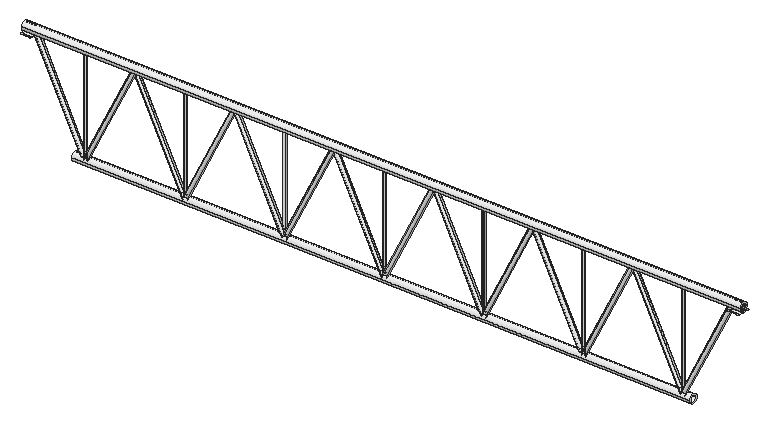
Revit family "Caibro da barra - Banzo de tubo circular com trama de tubo circular", category Quadro estrutural, Revit 2019
Family settings
  Arredondamento do comprimento do framing estrutural = 1 mm
  Forma do corte = Não definido
  Material para o comportamento do modelo = Aço
  Exportar sempre como geometria = Sim
  Sempre na vertical = Sim
  Corte com vazios quando carregada = Não
  Representação simbólica = Da família
  Compartilhado = Não
  Exibir o pré-corte da família na vista da planta = Sim
Parameters (values of type "TB D150")
  Material da rede [instance] = Metal - Aço - 250 MPa
  Tipo vertical [instance] = Vertical : TB 38.1x5.0
  Visibilidade do membro vertical = yes
  Tipo de banzo superior [instance] = Banzo : TB 114.3x8.6
  Structural Material [instance] = Metal - Aço - 250 MPa
  Deslocamento inicial [instance] = 0 mm
  Extensão inicial do cordão superior [instance] = 0 mm
  SpaceNum [instance] = 2 * Número da metade do espaço  # 14
  Espessura do perfil do assento = 6.4 mm
  Altura do perfil do assento = 76.2 mm
  Comprimento do assento = 150 mm
  Profundidade do assento [instance] = 125 mm
  Espessura da placa de reforço = 10 mm
  Tipo diagonal [instance] = Diagonal : TB 60.3x5.5
  Linear = 1500 mm
  LarguraPainel [instance] = (Length - Comprimento do assento * 2) / SpaceNum  # 692.857 mm
  NumMatrizPainel 2 [instance] = Meio NúmeroMatrizPainel + 1  # 7
  NumMatrizPainel 1 [instance] = Meio NúmeroMatrizPainel  # 6
  NumMatrizPainel [instance] = SpaceNum - 3  # 11
  Altura do painel [instance] = Linear - Profundidade do assento  # 1375 mm
  Comprimento do deslocamento 2 [instance] = Painel final - Deslocamento final + Extensão final do cordão inferior  # 142.857 mm
  Comprimento do deslocamento 1 [instance] = Painel final - Deslocamento inicial + Extensão inicial do cordão inferior  # 142.857 mm
  Número da metade do espaço [instance] = 7
  d [instance] = Profundidade do assento / 2  # 62.5 mm
  Tipo de banzo inferior [instance] = Banzo : TB 114.3x8.6
  Extensão inicial do cordão inferior [instance] = -700 mm
  Extensão final do cordão inferior [instance] = -700 mm
  Meio NúmeroMatrizPainel [instance] = NumMatrizPainel / 2  # 6
  Painel final [instance] = LarguraPainel + Comprimento do assento  # 842.857 mm
  Deslocamento final [instance] = 0 mm
  Extensão final do cordão superior [instance] = 0 mm
  Assembly Code = ""
  Length [instance] = 10000 mm
Reference planes
  plane 1 "Centro (Frente/Trás)": y = 0
  plane 2: z = 0
  plane 3 "Centro (Esquerda/Direita)": x = 458.446
  plane 4 "Membro esquerdo": x = -3381.554
  plane 5 "Membro direito": x = 3560.61
  plane 6: z = 750
  plane 7: z = -750
  plane 8 "Esquerda": x = -4541.554
  plane 9 "Símbolo esquerdo de verga": x = -5435.59
  plane 10 "Símbolo direito de verga": x = 6401.136
  plane 11 "Direita": x = 5458.446
  plane 12: x = -4391.554
  plane 13: x = -3698.697
  plane 14: x = 5308.446
  plane 15: x = 4615.588
  plane 16: z = -720
  plane 17: x = -4541.554
  plane 18: x = 5458.446
  plane 19: x = -4541.554
  plane 20: x = 5458.446
  plane 21: x = 3922.731
  plane 22: x = 3229.874
  plane 23: x = -3005.84
  plane 24: x = -2312.983
  plane 25: x = -1620.126
  plane 26: x = -3841.554
  plane 27: x = 4758.446
  plane 28: x = -5435.59
  plane 29 "Esquerda do símbolo": x = -5435.59
  plane 30: x = 6401.136
  plane 31 "Direita do símbolo": x = 6401.136
  plane 32: z = 687.5
  plane 33: z = -687.5
  plane 34: z = 625
Forms (mm)
  Sweep 1, solid, material "Metal - Aço - 250 MPa" <- "Structural Material", detail levels medium+fine
    path origin (-4304.156, 5, 762.225) x (1, 0, 0) y (0, 0, -1)
      loop
        line (-237.398, 137.225) -> (-87.398, 137.225)
    profile "Assento - Perfil : Assento - Perfil" origin (-4466.554, 5, 625) x (0, 0, -1) y (0, 1, 0)
      loop
        arc (0, 76.2) -> (-4.525, 74.325) -> (-6.4, 69.8) r 6.4
        line (-6.4, 69.8) -> (-6.4, 12.8)
        arc (-6.4, 12.8) -> (-8.275, 8.275) -> (-12.8, 6.4) r 6.4
        line (-12.8, 6.4) -> (-69.8, 6.4)
        arc (-69.8, 6.4) -> (-74.325, 4.525) -> (-76.2, 0) r 6.4
        line (-76.2, 0) -> (0, 0) -> (0, 76.2)
  Sweep 2, solid, material "Metal - Aço - 250 MPa" <- "Structural Material", detail levels medium+fine
    path origin (-13643.971, -5, 680.328) x (1, 0, 0) y (0, 0, 1)
      loop
        line (9102.417, -55.328) -> (9252.417, -55.328)
    profile "Assento - Perfil : Assento - Perfil" origin (-4466.554, -5, 625) x (0, 0, 1) y (0, -1, 0)
      loop
        arc (76.2, 0) -> (74.325, 4.525) -> (69.8, 6.4) r 6.4
        line (69.8, 6.4) -> (12.8, 6.4)
        arc (12.8, 6.4) -> (8.275, 8.275) -> (6.4, 12.8) r 6.4
        line (6.4, 12.8) -> (6.4, 69.8)
        arc (6.4, 69.8) -> (4.525, 74.325) -> (0, 76.2) r 6.4
        line (0, 76.2) -> (0, 0) -> (76.2, 0)
  Sweep 3, solid, material "Metal - Aço - 250 MPa" <- "Structural Material", detail levels medium+fine
    path origin (-4673.269, 5, 755.271) x (1, 0, 0) y (0, 0, -1)
      loop
        line (9981.715, 130.271) -> (10131.715, 130.271)
    profile "Assento - Perfil : Assento - Perfil" origin (5383.446, 5, 625) x (0, 0, -1) y (0, 1, 0)
      loop
        arc (0, 76.2) -> (-4.525, 74.325) -> (-6.4, 69.8) r 6.4
        line (-6.4, 69.8) -> (-6.4, 12.8)
        arc (-6.4, 12.8) -> (-8.275, 8.275) -> (-12.8, 6.4) r 6.4
        line (-12.8, 6.4) -> (-69.8, 6.4)
        arc (-69.8, 6.4) -> (-74.325, 4.525) -> (-76.2, 0) r 6.4
        line (-76.2, 0) -> (0, 0) -> (0, 76.2)
  Sweep 4, solid, material "Metal - Aço - 250 MPa" <- "Structural Material", detail levels medium+fine
    path origin (6375.741, -5, 640.108) x (1, 0, 0) y (0, 0, 1)
      loop
        line (-1067.295, -15.108) -> (-917.295, -15.108)
    profile "Assento - Perfil : Assento - Perfil" origin (5383.446, -5, 625) x (0, 0, 1) y (0, -1, 0)
      loop
        arc (76.2, 0) -> (74.325, 4.525) -> (69.8, 6.4) r 6.4
        line (69.8, 6.4) -> (12.8, 6.4)
        arc (12.8, 6.4) -> (8.275, 8.275) -> (6.4, 12.8) r 6.4
        line (6.4, 12.8) -> (6.4, 69.8)
        arc (6.4, 69.8) -> (4.525, 74.325) -> (0, 76.2) r 6.4
        line (0, 76.2) -> (0, 0) -> (76.2, 0)
  Extrusion 5, solid, material "Metal - Aço - 250 MPa" <- "Structural Material", detail levels medium+fine
    sketch origin (458.446, 0, 0) x (0, 1, 0) y (0, 0, 1)
      loop
        line (5, 750) -> (-5, 750) -> (-5, 635.7) -> (5, 635.7) -> (5, 750)
    from -5000 to -4850
  Extrusion 6, solid, material "Metal - Aço - 250 MPa" <- "Structural Material", detail levels medium+fine
    sketch origin (458.446, 0, 0) x (0, 1, 0) y (0, 0, 1)
      loop
        line (5, 750) -> (-5, 750) -> (-5, 635.7) -> (5, 635.7) -> (5, 750)
    from 4850 to 5000
Lines and regions (mm)
  symbolic lines, style "StructuralFraming", detail levels coarse+medium
    curve 1: line (0, 0, -750) -> (0, 0, 750)
  reference lines
    curve 2: line (-5285.59, 0, -873.508) -> (-5285.59, 0, 829.692)
    curve 3: line (-4442.733, 0, -879.858) -> (-4442.733, 0, 829.692)
    curve 4: line (6251.136, 0, -820.588) -> (6251.136, 0, 831.812)
    curve 5: line (5408.279, 0, -947.588) -> (5408.279, 0, 831.812)
  model lines, style "Viga mestra da travessa", detail levels coarse
    curve 6: line (5408.279, 0, -750) -> (-4442.733, 0, -750)
    curve 7: line (6401.136, 0, 750) -> (-5435.59, 0, 750)
  model lines, style "Caibro da teia", detail levels coarse
    curve 8: line (-4442.733, 0, -750) -> (-5285.59, 0, 750)
    curve 9: line (5408.279, 0, -750) -> (6251.136, 0, 750)
Dimensions and locks
  equal spacing: plane 7, plane 2, plane 6
  "Length": plane 8 "Esquerda" to plane 11 "Direita"
  equal spacing: plane 8 "Esquerda", plane 3 "Centro (Esquerda/Direita)", plane 11 "Direita"
  "Painel final": curve 3 to curve 2
  "Painel final": curve 4 to curve 5
  "Linear": plane 7 to plane 6
  "Painel final": plane 8 "Esquerda" to plane 13
  "Painel final": plane 11 "Direita" to plane 15
  "Deslocamento inicial": plane 8 "Esquerda" to plane 19
  "Comprimento do assento": plane 19 to plane 12
  "Extensão inicial do cordão superior": plane 17 to plane 19
  "Deslocamento final": plane 20 to plane 11 "Direita"
  "Comprimento do assento": plane 14 to plane 20
  "Extensão final do cordão superior": plane 20 to plane 18
  "LarguraPainel": plane 15 to plane 21
  "LarguraPainel": plane 21 to plane 22
  "LarguraPainel": plane 13 to plane 23
  "LarguraPainel": plane 24 to plane 23
  "LarguraPainel": plane 25 to plane 24
  "Comprimento do deslocamento 1": plane 13 to plane 26
  "Comprimento do deslocamento 2": plane 27 to plane 15
  "Deslocamento inicial": plane 9 "Símbolo esquerdo de verga" to plane 28
  "Comprimento do assento": curve 2 to plane 28
  "Extensão inicial do cordão superior": plane 28 to plane 29 "Esquerda do símbolo"
  "Comprimento do assento": plane 30 to curve 4
  "Extensão final do cordão superior": plane 31 "Direita do símbolo" to plane 30
  "Deslocamento final": plane 10 "Símbolo direito de verga" to plane 30
  equal spacing: group 1, group 2, group 3, group 4, group 14, group 15  (x3)
  equal spacing: group 5, group 6, group 7, group 8, group 16, group 17  (x3)
  "Profundidade do assento": plane 6 to plane 34
  equal spacing: group 9, group 10, group 11, group 12, group 13, group 18, group 19  (x3)
  "d": plane 32 to plane 6
  "d": plane 7 to plane 33
  "Espessura da placa de reforço": Extrusion 5 sketch curve to Extrusion 5 sketch curve
  equal spacing: Extrusion 5 sketch curve, curve 2, Extrusion 5 sketch curve
  equal spacing: Extrusion 6 sketch curve, curve 2, Extrusion 6 sketch curve
  "Espessura da placa de reforço": Extrusion 6 sketch curve to Extrusion 6 sketch curve
  aligned and locked: curve 6 to plane 7
  aligned and locked: curve 7 to plane 6
  aligned and locked: curve 3 to curve 6
  aligned and locked: curve 5 to curve 6
  aligned and locked: curve 2 to curve 8
  aligned and locked: curve 4 to curve 9
  aligned and locked: plane 29 "Esquerda do símbolo" to curve 7
  aligned and locked: plane 31 "Direita do símbolo" to curve 7
  aligned and locked: nested 1 to plane 13
  aligned and locked: nested 2 to plane 24
  aligned and locked: plane 1 "Centro (Frente/Trás)" to nested 1
  aligned and locked: plane 1 "Centro (Frente/Trás)" to nested 2
  aligned and locked: nested 5 to plane 1 "Centro (Frente/Trás)"
  aligned and locked: nested 5 to plane 24
  aligned and locked: nested 9 to plane 1 "Centro (Frente/Trás)"
  aligned and locked: nested 9 to plane 13
  aligned and locked: plane 15 to nested 10
  aligned and locked: plane 1 "Centro (Frente/Trás)" to nested 10
  aligned and locked: plane 1 "Centro (Frente/Trás)" to nested 11
  aligned and locked: plane 1 "Centro (Frente/Trás)" to nested 12
  aligned and locked: plane 12 to Sweep 2 sketch curve
  aligned and locked: plane 19 to Sweep 2 sketch curve
  aligned and locked: Sweep 2 sketch curve to plane 34
  aligned and locked: Sweep 4 sketch curve to plane 34
  aligned and locked: plane 20 to Sweep 4 sketch curve
  aligned and locked: plane 20 to Sweep 3 sketch curve
  aligned and locked: plane 34 to Sweep 3 sketch curve
  aligned and locked: plane 19 to Sweep 1 sketch curve
  aligned and locked: plane 34 to Sweep 1 sketch curve
  aligned and locked: plane 1 "Centro (Frente/Trás)" to nested 13
  aligned and locked: nested 13 to plane 32
  aligned and locked: nested 13 to plane 13
  aligned and locked: plane 24 to nested 14
  aligned and locked: nested 9 to plane 12
  aligned and locked: nested 10 to plane 14
  aligned and locked: plane 32 to nested 1
  aligned and locked: nested 5 to plane 32
  aligned and locked: plane 32 to nested 2
  aligned and locked: nested 6 to plane 25
  aligned and locked: nested 12 to plane 26
  aligned and locked: plane 27 to nested 12
  aligned and locked: nested 11 to plane 17
  aligned and locked: plane 18 to nested 11
  aligned and locked: nested 11 to plane 6
  aligned and locked: plane 7 to nested 12
  aligned and locked: Extrusion 5 sketch curve to nested 11  (x2)
  aligned and locked: plane 17 to Extrusion 5
  aligned and locked: plane 12 to Extrusion 5
  aligned and locked: Sweep 2 to Extrusion 5
  aligned and locked: Sweep 1 to Extrusion 5
  aligned and locked: Extrusion 6 sketch curve to nested 11  (x2)
  aligned and locked: Extrusion 6 to plane 18
  aligned and locked: Extrusion 6 to plane 14
  aligned and locked: Sweep 4 to Extrusion 6
  aligned and locked: Sweep 3 to Extrusion 6
Automatic sketch dimensions
  curve 1 to plane 1 "Centro (Frente/Trás)" = 0 mm
  curve 1 to plane 7 = 0 mm
  curve 1 to plane 6 = 0 mm
  plane 7 to curve 5 = 197.588 mm
  plane 7 to curve 3 = 129.858 mm
  plane 7 to curve 2 = 123.508 mm
  plane 7 to curve 4 = 70.588 mm
  curve 3 to plane 6 = 79.692 mm
  curve 2 to plane 6 = 79.692 mm
  curve 5 to plane 6 = 81.812 mm
  curve 4 to plane 6 = 81.812 mm
  Sweep 1 sketch curve to plane 12 = 0 mm
  Sweep 3 sketch curve to plane 14 = 0 mm
  Sweep 4 sketch curve to plane 14 = 0 mm
Nested families
  nested 1: "Diagonal" at (-3698.697, 0, 0), type <- "Tipo diagonal", Largura do painel <- "LarguraPainel", Altura do painel <- "Altura do painel", Material <- "Material da rede", type "TB 60.3x5.5"
    with Largura do painel 692.857 mm, Altura do painel 1375 mm, Material Metal - Aço - 250 MPa, t 5.5 mm, d 60.3 mm
  nested 2: "Diagonal" at (-2312.983, 0, 0), type <- "Tipo diagonal", Largura do painel <- "LarguraPainel", Altura do painel <- "Altura do painel", Material <- "Material da rede", type "TB 60.3x5.5"
    with Largura do painel 692.857 mm, Altura do painel 1375 mm, Material Metal - Aço - 250 MPa, t 5.5 mm, d 60.3 mm
  nested 3: "Diagonal" at (-927.269, 0, 0), type <- "Tipo diagonal", Largura do painel <- "LarguraPainel", Altura do painel <- "Altura do painel", Material <- "Material da rede", type "TB 60.3x5.5"
    with Largura do painel 692.857 mm, Altura do painel 1375 mm, Material Metal - Aço - 250 MPa, t 5.5 mm, d 60.3 mm
  nested 4: "Diagonal" at (458.446, 0, 0), type <- "Tipo diagonal", Largura do painel <- "LarguraPainel", Altura do painel <- "Altura do painel", Material <- "Material da rede", type "TB 60.3x5.5"
    with Largura do painel 692.857 mm, Altura do painel 1375 mm, Material Metal - Aço - 250 MPa, t 5.5 mm, d 60.3 mm
  nested 5: "Diagonal" at (-2312.983, 0, 0) x (-1, 0, 0) z (0, 0, 1), type <- "Tipo diagonal", Largura do painel <- "LarguraPainel", Altura do painel <- "Altura do painel", Material <- "Material da rede", type "TB 60.3x5.5"
    with Largura do painel 692.857 mm, Altura do painel 1375 mm, Material Metal - Aço - 250 MPa, t 5.5 mm, d 60.3 mm
  nested 6: "Diagonal" at (-927.269, 0, 0) x (-1, 0, 0) z (0, 0, 1), type <- "Tipo diagonal", Largura do painel <- "LarguraPainel", Altura do painel <- "Altura do painel", Material <- "Material da rede", type "TB 60.3x5.5"
    with Largura do painel 692.857 mm, Altura do painel 1375 mm, Material Metal - Aço - 250 MPa, t 5.5 mm, d 60.3 mm
  nested 7: "Diagonal" at (458.446, 0, 0) x (-1, 0, 0) z (0, 0, 1), type <- "Tipo diagonal", Largura do painel <- "LarguraPainel", Altura do painel <- "Altura do painel", Material <- "Material da rede", type "TB 60.3x5.5"
    with Largura do painel 692.857 mm, Altura do painel 1375 mm, Material Metal - Aço - 250 MPa, t 5.5 mm, d 60.3 mm
  nested 8: "Diagonal" at (1844.16, 0, 0) x (-1, 0, 0) z (0, 0, 1), type <- "Tipo diagonal", Largura do painel <- "LarguraPainel", Altura do painel <- "Altura do painel", Material <- "Material da rede", type "TB 60.3x5.5"
    with Largura do painel 692.857 mm, Altura do painel 1375 mm, Material Metal - Aço - 250 MPa, t 5.5 mm, d 60.3 mm
  nested 9: "Diagonal" at (-3698.697, 0, 0) x (-1, 0, 0) z (0, 0, 1), Altura do painel <- "Altura do painel", type <- "Tipo diagonal", Material <- "Material da rede", type "TB 60.3x5.5"
    with Largura do painel 692.857 mm, Altura do painel 1375 mm, Material Metal - Aço - 250 MPa, t 5.5 mm, d 60.3 mm
  nested 10: "Diagonal" at (4615.588, 0, 0), Altura do painel <- "Altura do painel", type <- "Tipo diagonal", Material <- "Material da rede", type "TB 60.3x5.5"
    with Largura do painel 692.857 mm, Altura do painel 1375 mm, Material Metal - Aço - 250 MPa, t 5.5 mm, d 60.3 mm
  nested 11: "Banzo" at (458.446, 0, 692.85), type <- "Tipo de banzo superior", Material <- "Structural Material", type "TB 114.3x8.6"
    with Material Metal - Aço - 250 MPa, Comprimento 10000 mm, t 8.6 mm, d 114.3 mm, b 114.3 mm
  nested 12: "Banzo" at (458.446, 0, -692.85), type <- "Tipo de banzo inferior", Material <- "Structural Material", type "TB 114.3x8.6"
    with Material Metal - Aço - 250 MPa, Comprimento 8600 mm, t 8.6 mm, d 114.3 mm, b 114.3 mm
  nested 13: "Vertical" at (-3698.697, 0, 0), Altura do painel <- "Altura do painel", Material <- "Material da rede", type <- "Tipo vertical", visible <- "Visibilidade do membro vertical", type "TB 38.1x5.0"
    with Altura do painel 1375 mm, Material Metal - Aço - 250 MPa, t 5 mm, d 38.1 mm
  nested 14: "Vertical" at (-2312.983, 0, 0), Altura do painel <- "Altura do painel", Material <- "Material da rede", type <- "Tipo vertical", visible <- "Visibilidade do membro vertical", type "TB 38.1x5.0"
    with Altura do painel 1375 mm, Material Metal - Aço - 250 MPa, t 5 mm, d 38.1 mm
  nested 15: "Vertical" at (-927.269, 0, 0), Altura do painel <- "Altura do painel", Material <- "Material da rede", type <- "Tipo vertical", visible <- "Visibilidade do membro vertical", type "TB 38.1x5.0"
    with Altura do painel 1375 mm, Material Metal - Aço - 250 MPa, t 5 mm, d 38.1 mm
  nested 16: "Vertical" at (458.446, 0, 0), Altura do painel <- "Altura do painel", Material <- "Material da rede", type <- "Tipo vertical", visible <- "Visibilidade do membro vertical", type "TB 38.1x5.0"
    with Altura do painel 1375 mm, Material Metal - Aço - 250 MPa, t 5 mm, d 38.1 mm
  nested 17: "Vertical" at (1844.16, 0, 0), Altura do painel <- "Altura do painel", Material <- "Material da rede", type <- "Tipo vertical", visible <- "Visibilidade do membro vertical", type "TB 38.1x5.0"
    with Altura do painel 1375 mm, Material Metal - Aço - 250 MPa, t 5 mm, d 38.1 mm
  nested 18: "Diagonal" at (1844.16, 0, 0), type <- "Tipo diagonal", Largura do painel <- "LarguraPainel", Altura do painel <- "Altura do painel", Material <- "Material da rede", type "TB 60.3x5.5"
    with Largura do painel 692.857 mm, Altura do painel 1375 mm, Material Metal - Aço - 250 MPa, t 5.5 mm, d 60.3 mm
  nested 19: "Diagonal" at (3229.874, 0, 0), type <- "Tipo diagonal", Largura do painel <- "LarguraPainel", Altura do painel <- "Altura do painel", Material <- "Material da rede", type "TB 60.3x5.5"
    with Largura do painel 692.857 mm, Altura do painel 1375 mm, Material Metal - Aço - 250 MPa, t 5.5 mm, d 60.3 mm
  nested 20: "Diagonal" at (3229.874, 0, 0) x (-1, 0, 0) z (0, 0, 1), type <- "Tipo diagonal", Largura do painel <- "LarguraPainel", Altura do painel <- "Altura do painel", Material <- "Material da rede", type "TB 60.3x5.5"
    with Largura do painel 692.857 mm, Altura do painel 1375 mm, Material Metal - Aço - 250 MPa, t 5.5 mm, d 60.3 mm
  nested 21: "Diagonal" at (4615.588, 0, 0) x (-1, 0, 0) z (0, 0, 1), type <- "Tipo diagonal", Largura do painel <- "LarguraPainel", Altura do painel <- "Altura do painel", Material <- "Material da rede", type "TB 60.3x5.5"
    with Largura do painel 692.857 mm, Altura do painel 1375 mm, Material Metal - Aço - 250 MPa, t 5.5 mm, d 60.3 mm
  nested 22: "Vertical" at (3229.874, 0, 0), Altura do painel <- "Altura do painel", Material <- "Material da rede", type <- "Tipo vertical", visible <- "Visibilidade do membro vertical", type "TB 38.1x5.0"
    with Altura do painel 1375 mm, Material Metal - Aço - 250 MPa, t 5 mm, d 38.1 mm
  nested 23: "Vertical" at (4615.588, 0, 0), Altura do painel <- "Altura do painel", Material <- "Material da rede", type <- "Tipo vertical", visible <- "Visibilidade do membro vertical", type "TB 38.1x5.0"
    with Altura do painel 1375 mm, Material Metal - Aço - 250 MPa, t 5 mm, d 38.1 mm
Definition of nested family "Diagonal"
  Parameters
    t = 4.9 mm
    d = 42.2 mm
    Largura do painel [instance] = 692.857 mm
    Altura do painel [instance] = 1570 mm
    Material [instance] = none
  Reference planes
    plane 1 "Centro (Frente/Trás)": y = 0
    plane 2: z = 0
    plane 3 "Centro (Esquerda/Direita)": x = 0
    plane 4: z = 785
    plane 5: z = -785
    plane 6: x = 692.857
  Forms (mm)
    Sweep 1, solid, material <- "Material", detail levels medium+fine
      path in 3D
        loop
          line (0, 0, -785) -> (692.857, 0, 785)
      profile "Tubo circular - Perfil : Tubo circular - Perfil" origin (346.429, 0, 0) x (-0.914873, 0, 0.403743) y (0, -1, 0)
        loop
          circle (0, 0) r 16.2
        loop
          circle (0, 0) r 21.1
  Lines and regions (mm)
    model lines
      curve 1: line (0, 0, 785) -> (692.857, 0, 785)
      curve 2: line (0, 0, -785) -> (0, 0, 785)
      curve 3: line (692.857, 0, -785) -> (0, 0, -785)
      curve 4: line (692.857, 0, 785) -> (692.857, 0, -785)
    model lines, not visible, detail levels medium
      curve 5: line (0, 0, -785) -> (692.857, 0, 785)
    sketch lines
      curve 6: line (0, 0, -785) -> (692.857, 0, 785)
  Dimensions and locks
    equal spacing: plane 4, level, plane 5
    "Largura do painel": plane 6 to plane 3 "Centro (Esquerda/Direita)"
    "Altura do painel": plane 4 to plane 5
    aligned and locked: level to plane 2
    aligned and locked: curve 1 to plane 4
    aligned and locked: curve 2 to plane 3 "Centro (Esquerda/Direita)"
    aligned and locked: plane 5 to curve 3
  Automatic sketch dimensions
    curve 5 to plane 6 = 0 mm
Definition of nested family "Banzo"
  Parameters
    t = 11 mm
    d = 168.3 mm
    b = d  # 168.3 mm
    Material [instance] = none
    Comprimento [instance] = 2239.956 mm
  Reference planes
    plane 1 "Centro (Frente/Trás)": y = 0
    plane 2: z = 0
    plane 3 "Centro (Esquerda/Direita)": x = 0
    plane 4: x = -1119.978
    plane 5: x = 1119.978
    plane 6: y = 84.15
    plane 7: z = 84.15
    plane 8: y = -84.15
    plane 9: z = -84.15
    plane 10: y = 73.15
  Forms (mm)
    Sweep 1, solid, material <- "Material", detail levels medium+fine
      path origin (0, 0, 0) x (1, 0, 0) y (0, 1, 0)
        loop
          line (-1119.978, 0) -> (1119.978, 0)
      profile "Tubo circular - Perfil : Tubo circular - Perfil" origin (0, 0, 0) x (0, 1, 0) y (0, 0, 1)
        loop
          circle (0, 0) r 73.15
        loop
          circle (0, 0) r 84.15
  Dimensions and locks
    "Comprimento": plane 4 to plane 5
    equal spacing: plane 6, plane 1 "Centro (Frente/Trás)", plane 8
    equal spacing: plane 7, plane 2, plane 9
    "b": plane 6 to plane 8
    "d": plane 9 to plane 7
    "t": plane 6 to plane 10
    equal spacing: plane 4, plane 3 "Centro (Esquerda/Direita)", plane 5
    aligned and locked: level to plane 2
    aligned and locked: plane 4 to Sweep 1 sketch curve
    aligned and locked: plane 5 to Sweep 1 sketch curve
    aligned and locked: plane 1 "Centro (Frente/Trás)" to Sweep 1 sketch curve
Definition of nested family "Vertical"
  Parameters
    t = 5.1 mm
    d = 48.3 mm
    Altura do painel [instance] = 1570 mm
    Material [instance] = none
  Reference planes
    plane 1 "Centro (Frente/Trás)": y = 0
    plane 2: z = 0
    plane 3 "Centro (Esquerda/Direita)": x = 0
    plane 4: z = 785
    plane 5: z = -785
  Forms (mm)
    Sweep 1, solid, material <- "Material", detail levels medium+fine
      path in 3D
        loop
          line (0, 0, 785) -> (0, 0, -785)
      profile "Tubo circular - Perfil : Tubo circular - Perfil" origin (0, 0, 0) x (1, 0, 0) y (0, -1, 0)
        loop
          circle (0, 0) r 19.05
        loop
          circle (0, 0) r 24.15
  Lines and regions (mm)
    model lines, not visible, detail levels medium
      curve 1: line (0, 0, 785) -> (0, 0, -785)
    sketch lines
      curve 2: line (0, 0, 785) -> (0, 0, -785)
  Dimensions and locks
    equal spacing: plane 4, level, plane 5
    "Altura do painel": plane 4 to plane 5
    aligned and locked: level to plane 2
    aligned and locked: curve 1 to plane 3 "Centro (Esquerda/Direita)"
    aligned and locked: plane 4 to curve 1
    aligned and locked: plane 5 to curve 1
